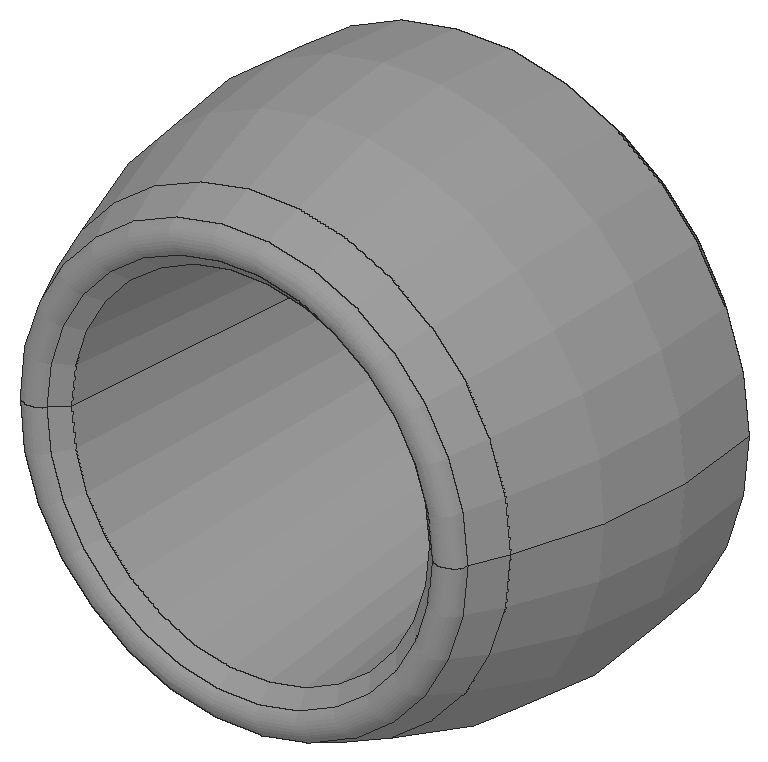
Revit family "VK460", category Sprinklers, Revit 2012
Parameters
  URL = "www.vikinggroupinc.com"
  Model = "VK460"
  Manufacturer = "Viking"
  K-Factor = 5.8
Reference planes (in)
  plane 1 "Center (Front/Back)": y = 0
  plane 2: z = 0
  plane 3 "Center (Left/Right)": x = 0
  plane 4 "Threads": y = -0.54502
Forms (in)
  Revolve 1, solid, material "Default"
    sketch origin (0, 0, 0) x (1, 0, 0) y (0, 1, 0)
      loop
        line (-0.38544, -0.42076) -> (-0.42015, -0.45547)
        arc (-0.42015, -0.45547) -> (-0.42896, -0.66712) -> (-0.37634, -0.87231) r 0.72646
        line (-0.37634, -0.87231) -> (-0.3527, -0.92863)
        arc (-0.3527, -0.92863) -> (-0.33345, -0.94979) -> (-0.30652, -0.94015) r 0.02578
        line (-0.30652, -0.94015) -> (-0.28439, -0.91802) -> (-0.23213, -0.42076) -> (-0.38544, -0.42076)
      axis (0, -0.42076) -> (0, -0.94015)
    angle from 0 to 360
Dimensions and locks (in)
  aligned and locked: plane 2 to level
Connectors (in)
  piping at (0, -0.54502, 0)
    settings: index 1, connector radius 1", flow factor 0, pipe flow 0 GPM, pressure drop 0.00 psi, fitting loss kfactor 0, connector angle 0.00°, fixture units 0, engagement length 0' - 0", flow configuration 0, flow direction 0, fitting loss method 0, system type 7, joint type 0, gender type 0, connector reference index -1, connector utility 0, adjustable connector no, is connector primary yes, fitting loss table "", connector description ""
